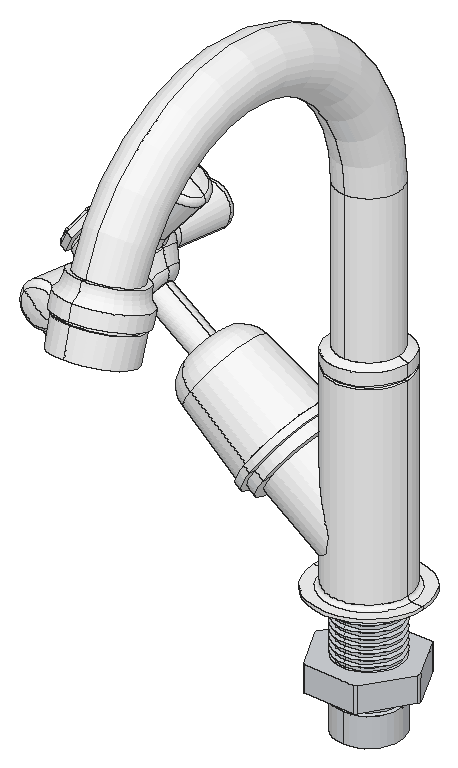
Revit family "Reece_Tap_Posh_Bristol_Basin Mixer_Rainwater", category Plumbing Fixtures, host Face, Revit 2018
Family settings
  Host = Face
  Round Connector Dimension = Use Diameter
  Part Type = Normal
  Cut with Voids When Loaded = No
  Shared = Yes
  Room Calculation Point = Yes
Parameters (values of type "110mm_Chrome")
  WFU = 0  # constant formula
  URL = "https://www.reece.com.au/product/-9504564"
  Type Comments = "Tap"
  Reece_Tap_Reach = 110 mm  # constant formula
  Reece_Tap_Inlet = 12 mm  # constant formula
  Reece_Tap_Clearance = 115 mm  # constant formula
  Reece_Product_Web Page = "https://www.reece.com.au/product/-9504564"
  Reece_Product_Type = "Tap"  # constant formula
  Reece_Product_Sub Brand = "Bristol"  # constant formula
  Reece_Product_Number = "9504564"
  Reece_Product_Mount = "Hob Mounted"
  Reece_Product_Description = "Posh Bristol Rainwater Tap Chrome"
  Reece_Product_Brand = "Posh"  # constant formula
  Reece_Overall_Height = 180 mm  # constant formula
  Reece_Material_Colour = Reece_Plastic_White
  Reece_Material-Main = Reece_Brass_Chrome
  Reece_Detail_Installation = "Basin Mixer"  # constant formula
  Reece_Detail_Disclaimer = "THIS FILE IS THE PROPERTY OF THE REECE GROUP. IT MAY NOT BE REPRODUCED, REVERSE-ENGINEERED OR MODIFIED. ANY REPUBLICATION, TRANSMISSION OR DISTRIBUTION FOR THE PURPOSE OF COMMERCIALLY EXPLOITING THE FILES IS PROHIBITED."  # constant formula
  Model = "Bristol"
  Manufacturer = "Posh"
  Keynote = "Product #9504564, Reece_Tap_Posh_Bristol_Basin Mixer_Rainwater - 110mm_Chrome"
  HWFU = 0  # constant formula
  Disclaimer = "THIS FILE IS THE PROPERTY OF THE REECE GROUP. IT MAY NOT BE REPRODUCED, REVERSE-ENGINEERED OR MODIFIED. ANY REPUBLICATION, TRANSMISSION OR DISTRIBUTION FOR THE PURPOSE OF COMMERCIALLY EXPLOITING THE FILES IS PROHIBITED."  # constant formula
  Description = "Posh Bristol Rainwater Tap Chrome"
  Default Elevation = 1000 mm
  CWFU = 0  # constant formula
Types (2, lengths in mm): name | Keynote
  (no name) | "Product #9504564, Reece_Tap_Posh_Bristol_Basin Mixer_Rainwater -  "
  110mm_Chrome | "Product #9504564, Reece_Tap_Posh_Bristol_Basin Mixer_Rainwater - 110mm_Chrome"
Reference planes
  plane 1 "Center (Front/Back)": y = 0
  plane 2 "Bottom": z = 0
  plane 3 "Center (Left/Right)": x = 0
  plane 4 "tap fixing": z = 70
  plane 5: z = 180
  plane 6 "handle": through (-4.13, -4572, 17.273) normal (-0.5736, 0, -0.8192)
  plane 7: y = -110
  plane 8: z = 115
Forms (mm)
  Revolve 1, solid, material "Reece_Brass_Chrome" <- "Reece_Material-Main"
    sketch origin (0, 0, 0) x (1, 0, 0) y (0, 0, 1)
      loop
        line (12.407, 68.766) -> (9.5, 70) -> (0, 70) -> (0, 0) -> (17.407, 0) -> (17.407, 1) -> (13.707, 1)
        arc (13.707, 1) -> (12.788, 1.381) -> (12.407, 2.3) r 1.3
        line (12.407, 2.3) -> (12.407, 63.973) -> (11.407, 63.973) -> (11.407, 64.973) -> (12.407, 64.973) -> (12.407, 68.766)
      axis (0, 70) -> (0, 0)
    angle from 0 to 360
  Sweep 2, solid, material "Reece_Brass_Chrome" <- "Reece_Material-Main"
    path origin (0, 0.26, 0) x (0, -1, 0) y (0, 0, 1)
      loop
        line (0.376, 70) -> (0.376, 117.039)
        arc (0.376, 117.039) -> (45.502, 169.847) -> (104.7, 133.505) r 53.462
        line (104.7, 133.505) -> (107.524, 124.782)
    profile origin (0, -0.116, 93.52) x (0, 1, 0) y (-1, 0, 0)
      loop
        circle (0.116, 0) r 9.5
  Revolve 3, solid, material "Reece_Brass_Chrome" <- "Reece_Material-Main"
    sketch origin (0, 2.909, -1.444) x (0, -1, 0) y (0, 0, 1)
      loop
        line (106.81, 136.56) -> (96.05, 133.077)
        arc (96.05, 133.077) -> (96.752, 129.913) -> (95.837, 126.804) r 6.49
        line (95.837, 126.804) -> (97.293, 122.306) -> (99.22, 122.93) -> (99.583, 121.807) -> (98.584, 121.483) -> (101.538, 112.903) -> (105.009, 114.098) -> (102.235, 122.665) -> (110.448, 125.324) -> (106.81, 136.56)
      axis (106.81, 136.56) -> (113.242, 116.692)
    angle from 0 to 360
  Extrusion 4, void
    sketch origin (0, 0, 0) x (1, 0, 0) y (0, 1, 0)
      loop
        circle (0, 0) r 14
    from -9.7 to 0
  Revolve 5, solid, material "Reece_Brass_Chrome" <- "Reece_Material-Main"
    sketch origin (0, 0, 0) x (1, 0, 0) y (0, 0, 1)
      loop
        line (1.079, 13.626) -> (7.962, 23.455) -> (-14.974, 39.515) -> (-21.857, 29.685) -> (1.079, 13.626)
      axis (1.079, 13.626) -> (-21.857, 29.685)
    angle from 0 to 360
  Extrusion 6, solid
    sketch origin (0, 0, 0) x (1, 0, 0) y (0, 1, 0)
      loop
        line (8.238, -14.621) -> (16.647, -0.994)
        arc (16.647, -0.994) -> (16.796, -0.499) -> (16.677, 0.005) r 1
        line (16.677, 0.005) -> (9.081, 14.1)
        arc (9.081, 14.1) -> (8.725, 14.477) -> (8.23, 14.626) r 1
        line (8.23, 14.626) -> (-7.775, 15.095)
        arc (-7.775, 15.095) -> (-8.279, 14.976) -> (-8.656, 14.621) r 1
        line (-8.656, 14.621) -> (-17.065, 0.994)
        arc (-17.065, 0.994) -> (-17.213, 0.499) -> (-17.094, -0.005) r 1
        line (-17.094, -0.005) -> (-9.498, -14.1)
        arc (-9.498, -14.1) -> (-9.143, -14.477) -> (-8.647, -14.626) r 1
        line (-8.647, -14.626) -> (7.358, -15.095)
        arc (7.358, -15.095) -> (7.862, -14.976) -> (8.238, -14.621) r 1
      loop
        circle (0, 0) r 10
    from -26.5 to -18.5
  Revolve 7, solid
    sketch origin (0, 0, 0) x (0, 1, 0) y (0, 0, 1)
      loop
        line (0, 0) -> (0, -40.086) -> (10, -40.086) -> (10, -30.938) -> (9.134, -30.438) -> (9.134, -29.438) -> (10, -28.938) -> (9.134, -28.438) -> (9.134, -27.438) -> (10, -26.938) -> (9.134, -26.438) -> (9.134, -25.438) -> (10, -24.938) -> (9.134, -24.438) -> (9.134, -23.438) -> (10, -22.938) -> (9.134, -22.438) -> (9.134, -21.438) -> (10, -20.938) -> (9.134, -20.438) -> (9.134, -19.438) -> (10, -18.938) -> (9.134, -18.438) -> (9.134, -17.438) -> (10, -16.938) -> (9.134, -16.438) -> (9.134, -15.438) -> (10, -14.938) -> (9.134, -14.438) -> (9.134, -13.438) -> (10, -12.938) -> (9.134, -12.438) -> (9.134, -11.438) -> (10, -10.938) -> (9.134, -10.438) -> (9.134, -9.438) -> (10, -8.938) -> (9.134, -8.438) -> (9.134, -7.438) -> (10, -6.938) -> (9.134, -6.438) -> (9.134, -5.438) -> (10, -4.938) -> (9.134, -4.438) -> (9.134, -3.438) -> (10, -2.938) -> (10, 0) -> (0, 0)
      axis (0, 0) -> (0, -40.086)
    angle from 0 to 360
Cuts and joins
  joined: Revolve 1, Revolve 5
  joined: Sweep 2, Revolve 3
Lines and regions (mm)
  model lines
    curve 1: line (0, 20, 0) -> (0, -19.085, 0)
    curve 2: line (-0.093, 0, 69.973) -> (-0.093, 0, 118.485)
    curve 3: arc (0.667, 0, 129.928) -> (-0.119, 0, 124.233) -> (-0.093, 0, 118.485) r 40.556
Text (mm)
  text "Reece Copyright © 2018, Reece Ltd." at (-1403.988, -1192.393, 0), in view "Ref. Level"
  text "Reece ©" at (44.384, 258.95, 192.345), in view "Reece Preview"
Dimensions and locks
  "Reece_Tap_Reach": plane 1 "Center (Front/Back)" to plane 7
  "Reece_Overall_Height": host face to plane 5
  host face to plane 4 "tap fixing" = 70 mm
  "Reece_Overall_Height": plane 5 to plane 2 "Bottom"
  "Reece_Tap_Clearance": plane 8 to plane 2 "Bottom"
  host face to Revolve 7 = 40.086 mm
  aligned and locked: plane 2 "Bottom" to host face
  aligned and locked: level to host face
  aligned and locked: host face to Extrusion 4
  aligned and locked: curve 1 to Extrusion 4
  aligned and locked: plane 2 "Bottom" to Revolve 1 sketch curve
  aligned and locked: plane 3 "Center (Left/Right)" to Revolve 5 sketch curve
  aligned and locked: Revolve 5 sketch curve to plane 6 "handle"
  aligned and locked: Revolve 3 sketch curve to Revolve 3 sketch curve
Automatic sketch dimensions
  curve 1 to plane 3 "Center (Left/Right)" = 0 mm
  plane 1 "Center (Front/Back)" to curve 1 = 19.085 mm
  curve 1 to plane 1 "Center (Front/Back)" = 20 mm
  host sketch curve to host sketch curve = 380.785 mm
  host sketch curve to host sketch curve = 317.421 mm
  Sweep 2 sketch curve to profile plane = 0 mm
  Sweep 2 sketch curve to profile plane = 0.116 mm
  plane 1 "Center (Front/Back)" to Extrusion 4 sketch curve = 0 mm
  Extrusion 4 sketch curve to plane 3 "Center (Left/Right)" = 0 mm
  plane 6 "handle" to Revolve 5 sketch curve = 0 mm  (x2)
  Revolve 5 sketch curve to plane 3 "Center (Left/Right)" = 0 mm
  plane 3 "Center (Left/Right)" to Revolve 5 sketch curve = 7.962 mm
  level to Revolve 5 sketch curve = 13.626 mm
  Revolve 5 sketch curve to plane 4 "tap fixing" = 23.64 mm
  Extrusion 6 sketch curve to plane 3 "Center (Left/Right)" = 7.775 mm
  Extrusion 6 sketch curve to Extrusion 6 sketch curve = 0.029 mm  (x4)
  Extrusion 6 sketch curve to plane 3 "Center (Left/Right)" = 8.617 mm
  Extrusion 6 sketch curve to Extrusion 6 sketch curve = 0.88 mm
  Extrusion 6 sketch curve to Extrusion 6 sketch curve = 0.851 mm  (x5)
  Extrusion 6 sketch curve to plane 1 "Center (Front/Back)" = 0.469 mm
  Extrusion 6 sketch curve to plane 1 "Center (Front/Back)" = 0.994 mm
  plane 1 "Center (Front/Back)" to Extrusion 6 sketch curve = 0.005 mm
  plane 3 "Center (Left/Right)" to Extrusion 6 sketch curve = 7.358 mm
  plane 3 "Center (Left/Right)" to Extrusion 6 sketch curve = 8.2 mm
  plane 1 "Center (Front/Back)" to Extrusion 6 sketch curve = 0.469 mm
  plane 1 "Center (Front/Back)" to Extrusion 6 sketch curve = 0.994 mm
  Extrusion 6 sketch curve to plane 1 "Center (Front/Back)" = 0.005 mm
  plane 1 "Center (Front/Back)" to Extrusion 6 sketch curve = 13.626 mm
  plane 1 "Center (Front/Back)" to Extrusion 6 sketch curve = 14.095 mm
  Extrusion 6 sketch curve to Extrusion 6 sketch curve = 0.474 mm  (x2)
  Extrusion 6 sketch curve to Extrusion 6 sketch curve = 0.525 mm  (x2)
  Extrusion 6 sketch curve to plane 1 "Center (Front/Back)" = 13.626 mm
  Extrusion 6 sketch curve to plane 1 "Center (Front/Back)" = 14.095 mm
  plane 1 "Center (Front/Back)" to Extrusion 6 sketch curve = 0 mm
  Extrusion 6 sketch curve to plane 3 "Center (Left/Right)" = 0 mm
  plane 1 "Center (Front/Back)" to Sweep 2 sketch curve = 0.116 mm
  plane 4 "tap fixing" to Sweep 2 sketch curve = 0 mm
  plane 8 to Sweep 2 sketch curve = 2.039 mm
  plane 1 "Center (Front/Back)" to Sweep 2 sketch curve = 53.577 mm
  Sweep 2 sketch curve to plane 7 = 5.56 mm
  Sweep 2 sketch curve to plane 7 = 2.736 mm
  Sweep 2 sketch curve to Sweep 2 sketch curve = 8.723 mm
  Revolve 1 sketch curve to plane 3 "Center (Left/Right)" = 0 mm  (x2)
  Revolve 1 sketch curve to plane 4 "tap fixing" = 0 mm
  Revolve 1 sketch curve to Revolve 1 sketch curve = 9.5 mm
  Revolve 1 sketch curve to Revolve 1 sketch curve = 1.907 mm
  Revolve 1 sketch curve to Revolve 1 sketch curve = 1 mm  (x3)
  Revolve 1 sketch curve to Revolve 1 sketch curve = 1.3 mm
  level to Revolve 1 sketch curve = 1 mm
  Revolve 1 sketch curve to Revolve 1 sketch curve = 3.7 mm
  plane 4 "tap fixing" to Revolve 1 sketch curve = 6.027 mm
  plane 4 "tap fixing" to Revolve 1 sketch curve = 1.234 mm
  plane 4 "tap fixing" to Revolve 1 sketch curve = 4.59 mm
  Revolve 1 sketch curve to Revolve 1 sketch curve = 2.477 mm
  level to Revolve 7 sketch curve = 0 mm
  Revolve 7 sketch curve to plane 1 "Center (Front/Back)" = 0 mm  (x2)
  Revolve 7 sketch curve to level = 4.437 mm
  Revolve 7 sketch curve to plane 1 "Center (Front/Back)" = 9.134 mm  (x2)
  Revolve 7 sketch curve to Revolve 7 sketch curve = 0 mm  (x12)
  Revolve 7 sketch curve to Revolve 7 sketch curve = 0.866 mm  (x15)
  Revolve 7 sketch curve to level = 4.937 mm
  Revolve 7 sketch curve to Revolve 7 sketch curve = 1 mm  (x27)
  Revolve 7 sketch curve to Revolve 7 sketch curve = 0.5 mm  (x14)
  Revolve 7 sketch curve to Revolve 7 sketch curve = 4.422 mm
  Revolve 7 sketch curve to Revolve 7 sketch curve = 2.289 mm
  plane 8 to Revolve 3 sketch curve = 10.36 mm
  Revolve 3 sketch curve to Revolve 3 sketch curve = 5.572 mm
  Revolve 3 sketch curve to Revolve 3 sketch curve = 0.212 mm
  plane 8 to Revolve 3 sketch curve = 5.862 mm
  Revolve 3 sketch curve to Revolve 3 sketch curve = 1.456 mm
  plane 8 to Revolve 3 sketch curve = 5.039 mm
  Revolve 3 sketch curve to Revolve 3 sketch curve = 1.29 mm
  plane 8 to Revolve 3 sketch curve = 6.485 mm
  plane 8 to Revolve 3 sketch curve = 6.221 mm
  Revolve 3 sketch curve to Revolve 3 sketch curve = 2.652 mm
  Revolve 3 sketch curve to plane 8 = 2.346 mm
  Revolve 3 sketch curve to plane 7 = 7.9 mm
  Revolve 3 sketch curve to plane 7 = 6.099 mm
  Revolve 3 sketch curve to plane 7 = 2.461 mm
  Revolve 3 sketch curve to plane 8 = 3.541 mm
  Revolve 3 sketch curve to Revolve 3 sketch curve = 3.471 mm
  Revolve 3 sketch curve to Revolve 3 sketch curve = 0 mm
  plane 7 to Revolve 3 sketch curve = 5.403 mm
  Revolve 7 sketch curve to Revolve 7 sketch curve = 9.648 mm
  curve 2 to plane 3 "Center (Left/Right)" = 0.093 mm
  plane 8 to curve 3 = 6.543 mm
  plane 8 to curve 2 = 3.485 mm
  plane 3 "Center (Left/Right)" to curve 3 = 0.667 mm
  plane 4 "tap fixing" to curve 2 = 0.027 mm
  plane 3 "Center (Left/Right)" to curve 3 = 40.348 mm
  plane 3 "Center (Left/Right)" to Extrusion 6 sketch curve = 15.796 mm
  Revolve 5 sketch curve to plane 3 "Center (Left/Right)" = 21.857 mm
  Extrusion 6 sketch curve to Extrusion 6 sketch curve = 7.596 mm
  radius of Sweep 2 sketch curve = 9.5 mm
  radius of Extrusion 4 sketch curve = 14 mm
  radius of Extrusion 6 sketch curve = 10 mm
Nested families
  nested 1: "Reece_Tap_Posh_Bristol_Basin Mixer_Rainwater_Handle_Nested" at (-21.857, 0, 29.685) x (0.5736, 0, 0.8192) z (-0.8192, 0, 0.5736), Reece_Material-Main <- "Reece_Material-Main", Reece_Material_Colour <- "Reece_Material_Colour", type "Reece_Tap_Posh_Bristol_Basin Mixer_Rainwater_Handle_Nested"
    with Reece_Material_Colour Reece_Plastic_White, Reece_Material-Main Reece_Brass_Chrome
Connectors
  piping at (0, 0, -40.086), diameter 12, driven by "Reece_Tap_Inlet"
    settings: on Revolve 7, index 3, connector inside diameter 609.6 mm, connector length 0 mm, flow factor 0, pipe flow 0.0 L/s, pressure drop 0.0 Pa, fitting loss kfactor 0, connector angle 0.00°, fixture units 0, engagement length 0 mm, angle of deflection 0.00°, flow configuration 0, flow direction 1, fitting loss method 0, system type 29, joint type 0, gender type 0, connector reference index -1, connector utility 0, adjustable connector no, is connector primary yes, connector description ""
Definition of nested family "Reece_Tap_Posh_Bristol_Basin Mixer_Rainwater_Handle_Nested"
  Parameters (values of type "Reece_Tap_Posh_Bristol_Basin Mixer_Rainwater_Handle_Nested")
    WFU = 0  # constant formula
    Reece_Material_Colour [instance] = none
    Reece_Material-Main [instance] = none
    HWFU = 0  # constant formula
    Default Elevation = 1000 mm
    CWFU = 0  # constant formula
  Reference planes
    plane 1 "Center (Front/Back)": y = 0
    plane 2 "Bottom": z = 0
    plane 3 "Center (Left/Right)": x = 0
  Forms (mm)
    Extrusion 1, solid
      sketch origin (619.2, -619.2, 0) x (1, 0, 0) y (0, 1, 0)
        loop
          line (-809.2, 779.2) -> (-809.2, 461.779) -> (-428.415, 461.779) -> (-428.415, 779.2) -> (-809.2, 779.2)
      from 0 to -9.564
    Revolve 2, solid, material <- "Reece_Material-Main"
      sketch origin (0, 0, 0) x (1, 0, 0) y (0, 0, 1)
        loop
          line (0, 57.768) -> (-4.25, 57.768) -> (-4.25, 37.349) -> (0, 37.349) -> (0, 57.768)
        axis (0, 37.349) -> (0, 57.768)
      angle from 0 to 360
    Revolve 3, solid, material <- "Reece_Material-Main"
      sketch origin (0, 0, 0) x (0, 1, 0) y (0, 0, 1)
        loop
          line (0, 0) -> (14.652, 0) -> (14.652, 3.469) -> (16.477, 3.469) -> (16.477, 5.792) -> (15.615, 6.141) -> (13.911, 29.288)
          arc (13.911, 29.288) -> (11.156, 35.023) -> (5.234, 37.349) r 8.7
          line (5.234, 37.349) -> (0, 37.349) -> (0, 0)
        axis (0, 37.349) -> (0, 0)
      angle from 0 to 360
    Blend 4, solid, material <- "Reece_Material-Main"
      base sketch origin (0, 0, 8.9) x (1, 0, 0) y (0, 1, 0)
        loop
          line (10.999, 0) -> (7.777, 7.777) -> (0, 10.999) -> (-7.777, 7.777) -> (-10.999, 0) -> (-7.777, -7.777) -> (0, -10.999) -> (7.777, -7.777) -> (10.999, 0)
      top sketch origin (0, 0, 8.9) x (1, 0, 0) y (0, 1, 0)
        loop
          line (0, 10.999) -> (-7.777, 7.777) -> (-10.999, 0) -> (-7.777, -7.777) -> (0, -10.999) -> (7.777, -7.777) -> (10.999, 0) -> (7.777, 7.777) -> (0, 10.999)
      from 69.543 to 71.669
    Blend 5, solid, material <- "Reece_Material-Main"
      base sketch origin (0, 0, 8.9) x (1, 0, 0) y (0, 1, 0)
        loop
          line (0, 10.999) -> (-7.777, 7.777) -> (-10.999, 0) -> (-7.777, -7.777) -> (0, -10.999) -> (7.777, -7.777) -> (10.999, 0) -> (7.777, 7.777) -> (0, 10.999)
      top sketch origin (0, 0, 8.9) x (1, 0, 0) y (0, 1, 0)
        loop
          line (-0.383, 9.841) -> (-6.688, 7.23)
          arc (-6.688, 7.23) -> (-7.013, 7.013) -> (-7.23, 6.688) r 1
          line (-7.23, 6.688) -> (-9.841, 0.383)
          arc (-9.841, 0.383) -> (-9.918, 0) -> (-9.841, -0.383) r 1
          line (-9.841, -0.383) -> (-7.23, -6.688)
          arc (-7.23, -6.688) -> (-7.013, -7.013) -> (-6.688, -7.23) r 1
          line (-6.688, -7.23) -> (-0.383, -9.841)
          arc (-0.383, -9.841) -> (0, -9.918) -> (0.383, -9.841) r 1
          line (0.383, -9.841) -> (6.688, -7.23)
          arc (6.688, -7.23) -> (7.013, -7.013) -> (7.23, -6.688) r 1
          line (7.23, -6.688) -> (9.841, -0.383)
          arc (9.841, -0.383) -> (9.918, 0) -> (9.841, 0.383) r 1
          line (9.841, 0.383) -> (7.23, 6.688)
          arc (7.23, 6.688) -> (7.013, 7.013) -> (6.688, 7.23) r 1
          line (6.688, 7.23) -> (0.383, 9.841)
          arc (0.383, 9.841) -> (0, 9.918) -> (-0.383, 9.841) r 1
      from 71.669 to 72.632
    Revolve 6, solid, material <- "Reece_Material_Colour"
      sketch origin (0, 0, -22.066) x (1, 0, 0) y (0, 0, 1)
        loop
          line (0, 103.598) -> (0, 104.592)
          arc (0, 104.592) -> (-4.445, 104.343) -> (-8.834, 103.598) r 39.777
          line (-8.834, 103.598) -> (0, 103.598)
        axis (0, 103.598) -> (0, 104.598)
      angle from 0 to 360
    Revolve 7, solid, material <- "Reece_Material-Main"
      sketch origin (0, 0, -21.795) x (1, 0, 0) y (0, 0, 1)
        loop
          arc (-8.019, 100.239) -> (-9.138, 99.897) -> (-9.874, 98.988) r 2
          line (-9.874, 98.988) -> (-12.341, 92.881)
          arc (-12.341, 92.881) -> (-13.005, 88.003) -> (-11.261, 83.4) r 10
          line (-11.261, 83.4) -> (-8.373, 79.276)
          arc (-8.373, 79.276) -> (-6.586, 77.709) -> (-4.278, 77.144) r 5
          line (-4.278, 77.144) -> (0, 77.144) -> (0, 100.239) -> (-8.019, 100.239)
        axis (0, 100.239) -> (0, 77.144)
      angle from 0 to 360
    Revolve 8, solid, material <- "Reece_Material-Main"
      sketch origin (0, 0, -23.67) x (1, 0, 0) y (0, 0, 1)
        loop
          line (-9.721, 91.49) -> (-9.721, 98.531)
          arc (-9.721, 98.531) -> (-12.308, 97.017) -> (-15.289, 96.697) r 7.143
          line (-15.289, 96.697) -> (-32.755, 98.533)
          arc (-32.755, 98.533) -> (-34.068, 98.212) -> (-34.877, 97.13) r 2
          arc (-34.877, 97.13) -> (-35.509, 94.342) -> (-35.721, 91.49) r 19.254
          line (-35.721, 91.49) -> (-9.721, 91.49)
        loop
          line (9.721, 91.49) -> (35.721, 91.49)
          arc (35.721, 91.49) -> (35.509, 94.342) -> (34.877, 97.13) r 19.254
          arc (34.877, 97.13) -> (34.068, 98.212) -> (32.755, 98.533) r 2
          line (32.755, 98.533) -> (15.289, 96.697)
          arc (15.289, 96.697) -> (12.308, 97.017) -> (9.721, 98.531) r 7.143
          line (9.721, 98.531) -> (9.721, 91.49)
        axis (35.721, 91.49) -> (-35.721, 91.49)
      angle from 0 to 360
    Revolve 9, solid, material <- "Reece_Material-Main"
      sketch origin (0, 0, -23.67) x (0, 1, 0) y (0, 0, 1)
        loop
          line (-9.721, 91.49) -> (-9.721, 98.531)
          arc (-9.721, 98.531) -> (-12.308, 97.017) -> (-15.289, 96.697) r 7.143
          line (-15.289, 96.697) -> (-32.755, 98.533)
          arc (-32.755, 98.533) -> (-34.068, 98.212) -> (-34.877, 97.13) r 2
          arc (-34.877, 97.13) -> (-35.509, 94.342) -> (-35.721, 91.49) r 19.254
          line (-35.721, 91.49) -> (-9.721, 91.49)
        loop
          line (9.721, 91.49) -> (35.721, 91.49)
          arc (35.721, 91.49) -> (35.509, 94.342) -> (34.877, 97.13) r 19.254
          arc (34.877, 97.13) -> (34.068, 98.212) -> (32.755, 98.533) r 2
          line (32.755, 98.533) -> (15.289, 96.697)
          arc (15.289, 96.697) -> (12.308, 97.017) -> (9.721, 98.531) r 7.143
          line (9.721, 98.531) -> (9.721, 91.49)
        axis (35.721, 91.49) -> (-35.721, 91.49)
      angle from 0 to 360
  Cuts and joins
    joined: Blend 4, Blend 5
    joined: Revolve 3, Revolve 7, Revolve 8, Revolve 9
  Text (mm)
    text "Reece Copyright © 2018, Reece Ltd." at (-143.616, -228.543, 0), in view "Ref. Level"
    text "Reece ©" at (110.347, 192.987, 60.419), in view "Reece Preview"
  Dimensions and locks
    aligned and locked: plane 2 "Bottom" to Extrusion 1
    aligned and locked: level to Extrusion 1
    aligned and locked: Blend 5 to Blend 4
